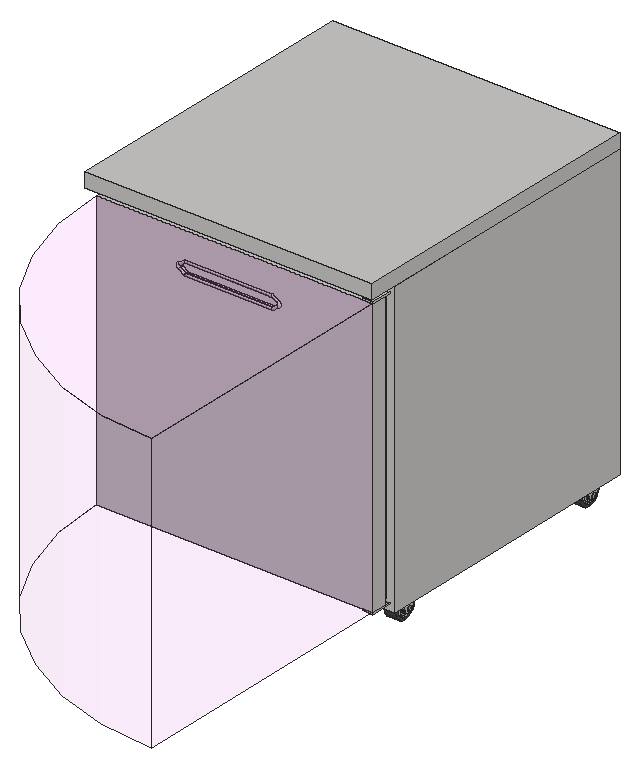
Revit family "QF_Kelvinator_738329_KCHUC27R-32_1-Door_Under_Counter_Refrigerator_27_Long_32.5_TALL", category Specialty Equipment, Revit 2021
Family settings
  Round Connector Dimension = Use Diameter
  Part Type = Normal
  Work Plane-Based = No
  Always vertical = Yes
  Cut with Voids When Loaded = No
  Shared = No
  Room Calculation Point = No
Parameters
  Weight in Pounds = 121.254
  Watts = 200 W
  Volts = 115 V
  URL Cutsheet = ""
  Specification by User = ""
  Specification by Manufacturer = ""
  Show Right Door [instance] = not(Show Left Door)  # yes
  Show Left Door [instance] = no
  Show Clearance [instance] = yes
  Serial Number = ""
  Seismic Rating = ""
  SMACNA No = ""
  Revision Code = ""
  Refrigerant Type = "R600a"
  Phase = 1
  Number of Poles = 1
  NAFEM Spec ID Number = ""
  Model = "738329 (KCHUC27R-32)"
  Min Ckt Ampacity = 0 A
  Max Overcurrent Protection = 0 A
  Masterspec = ""
  Manufacturer = "Kelvinator Commercial"
  Length = 27.756"
  Item Number = "738329"
  Installed By = ""
  Identify Quantity as Lot = yes
  Height = 32.087"
  HP = "1/6"
  Furnished By = ""
  Foodservice Equipment Identifier = yes
  FL Amps = 1.5 A
  Electrical Remarks = ""
  Electric Connection Type = ""
  Elec Conn RI Height = 0.000"
  Elec Conn Connection Height = 0.000"
  Description = "1-Door Under Counter Refrigerator 27\" Long 32.5\" TALL"
  Depth = 29.921"
  Default Elevation = 0.000"
  Cycle = 60 Hz
  Conn Plug = "5-15P"
  Conn Conduit = yes
  CSI MasterFormat = ""
  Apparent Power = 0 VA
Reference planes (in)
  plane 1 "BACK": y = 0
  plane 2: z = 0
  plane 3 "LEFT": x = 0
  plane 4 "RIGHT": x = 27.756
  plane 5 "FRONT": y = -29.921
  plane 6 "TOP": z = 32.087
  plane 7 "Center Y": x = 13.878
  plane 8 "Center X": y = -14.9605
Dimensions and locks (in)
  equal spacing: plane 3 "LEFT", plane 7 "Center Y", plane 4 "RIGHT"
  "Length": plane 3 "LEFT" to plane 4 "RIGHT"
  equal spacing: plane 5 "FRONT", plane 8 "Center X", plane 1 "BACK"
  "Depth": plane 5 "FRONT" to plane 1 "BACK"
  "Height": plane 6 "TOP" to level
  aligned and locked: level to plane 2
Nested families (in)
  nested 1: "KCHST.0001" at (0, 0, 0), Show Clearance <- "Show Clearance", Show Left Door <- "Show Left Door", Show Right Door <- "Show Right Door", type "KCHST.0001"
    with Show Right Door yes, Show Left Door no, Show Clearance yes
Definition of nested family "KCHST.0001"
  Parameters (values of type "KCHST.0001")
    Weight in Pounds = 0
    URL Cutsheet = ""
    Specification by User = ""
    Specification by Manufacturer = ""
    Show Right Door [instance] = yes
    Show Left Door [instance] = yes
    Show Clearance [instance] = yes
    Serial Number = ""
    Seismic Rating = ""
    SMACNA No = ""
    Revision Code = ""
    NAFEM Spec ID Number = ""
    Masterspec = ""
    Length = 27.756"
    Item Number = ""
    Installed By = ""
    Identify Quantity as Lot = yes
    Height = 32.087"
    Furnished By = ""
    Foodservice Equipment Identifier = yes
    Depth = 29.921"
    Default Elevation = 0.000"
    CSI MasterFormat = ""
  Reference planes (in)
    plane 1 "BACK": y = 0
    plane 2: z = 0
    plane 3 "LEFT": x = 0
    plane 4 "RIGHT": x = 27.756
    plane 5 "FRONT": y = -29.921
    plane 6 "TOP": z = 32.087
    plane 7 "Center Y": x = 13.878
    plane 8 "Center X": y = -14.9605
    plane 9: z = 2.4
    plane 10: y = -56
    plane 11: x = 25.756
    plane 12: x = 2
    plane 13: x = 27.256
    plane 14: x = 0.5
    plane 15: z = 30.7
    plane 16: z = 3.1
    plane 17: y = -27.2
    plane 18: y = -2.3
  Forms (in)
    Extrusion 1, solid
      sketch origin (0, 0, 0) x (0, 1, 0) y (0, 0, 1)
        loop
          line (-27.2, 30.7) -> (-27.2, 2.4) -> (0, 2.4) -> (0, 30.7) -> (-27.2, 30.7)
      from 0 to 27.756
    Extrusion 2, solid
      sketch origin (0, 0, -1.8375) x (0, 1, 0) y (0, 0, 1)
        loop
          line (-29.921, 32.5375) -> (0, 32.5375) -> (0, 33.9245) -> (-29.921, 33.9245) -> (-29.921, 32.5375)
      from 0 to 27.756
    Extrusion 3, solid
      sketch origin (13.878, 6.90541, 45.5) x (0, 1, 0) y (0, 0, 1)
        loop
          line (-36.08891, -15.6) -> (-36.08891, -42.4) -> (-34.65211, -42.4) -> (-34.65211, -15.6) -> (-36.08891, -15.6)
      from 13.378 to -13.378
    Extrusion 4, solid
      sketch origin (0, 0.3, -2.5) x (0, 1, 0) y (0, 0, 1)
        loop
          line (-28.04671, 32.20449) -> (-28.04671, 5.82022) -> (-27.79671, 5.82022) -> (-27.79671, 32.20449) -> (-28.04671, 32.20449)
      from 0.74536 to 26.90213
    Extrusion 5, solid
      sketch origin (0, 0.55, -2.5) x (0, 1, 0) y (0, 0, 1)
        loop
          line (-28.04671, 32.20449) -> (-28.04671, 5.82022) -> (-27.864, 5.82022) -> (-27.864, 32.20449) -> (-28.04671, 32.20449)
      from 0.74536 to 26.90213
    Extrusion 6, solid
      sketch origin (0, 0.7327, -2.5) x (0, 1, 0) y (0, 0, 1)
        loop
          line (-28.04671, 32.20449) -> (-28.04671, 5.82022) -> (-27.9327, 5.82022) -> (-27.9327, 32.20449) -> (-28.04671, 32.20449)
      from 0.74536 to 26.90213
    Extrusion 7, void
      sketch origin (-15.80943, -29.19996, 29.0181) x (0, 0, 1) y (1, 0, 0)
        loop
          line (-1.94791, 24.94368) -> (-1.94791, 33.29368) -> (-2.28604, 33.83468)
          arc (-2.28604, 33.83468) -> (-2.38541, 33.88976) -> (-2.48479, 33.83468) r 0.11719
          line (-2.48479, 33.83468) -> (-2.82291, 33.29368) -> (-2.82291, 24.94368) -> (-2.48621, 24.40496)
          arc (-2.48621, 24.40496) -> (-2.38541, 24.34909) -> (-2.28462, 24.40496) r 0.11887
          line (-2.28462, 24.40496) -> (-1.94791, 24.94368)
      from 0 to 0.31887
    Sweep 8, solid
      path origin (-15.80943, -26.39996, 29.0181) x (0, 0, -1) y (1, 0, 0)
        loop
          line (2.82291, 33.29368) -> (2.48479, 33.83468)
          arc (2.48479, 33.83468) -> (2.38541, 33.88976) -> (2.28604, 33.83468) r 0.11719
          line (2.28604, 33.83468) -> (1.94791, 33.29368) -> (1.94791, 24.94368) -> (2.28462, 24.40496)
          arc (2.28462, 24.40496) -> (2.38541, 24.34909) -> (2.48621, 24.40496) r 0.11887
          line (2.48621, 24.40496) -> (2.82291, 24.94368) -> (2.82291, 33.29368)
      profile origin (13.30925, -26.39996, 26.19519) x (0, 0, -1) y (0, -1, 0)
        loop
          line (0, 2.8) -> (0.25, 2.8)
          arc (0.25, 2.8) -> (0.125, 2.85269) -> (0, 2.8) r 0.17461
    Extrusion 9, solid
      sketch origin (0.56875, 0, 2.4) x (-1, 0, 0) y (0, 1, 0)
        loop
          circle (-13.28725, -0.87772) r 0.25
      from 0 to 0.78119
    Extrusion 10, solid, visible <- "Show Right Door"
      sketch origin (13.878, -29.1835, 29.9) x (0, 1, 0) y (-1, 0, 0)
        loop
          line (0, -13.378) -> (0, 13.378)
          arc (0, 13.378) -> (-18.91935, 5.54135) -> (-26.756, -13.378) r 26.756
          line (-26.756, -13.378) -> (0, -13.378)
      from 0 to -26.8
    Extrusion 11, solid, visible <- "Show Right Door"
      sketch origin (13.878, -27.74671, 3.1) x (-1, 0, 0) y (0, 1, 0)
        loop
          line (-12.378, -1.43679) -> (-11.628, 0.54671) -> (-13.378, 0.54671) -> (-13.378, -1.43679) -> (-12.378, -1.43679)
      from 0 to 0.13
    Extrusion 12, solid, visible <- "Show Right Door"
      sketch origin (13.878, -29.1835, 29.9) x (0, 1, 0) y (-1, 0, 0)
        loop
          line (0, -12.378) -> (0, -13.378) -> (1.9835, -13.378) -> (1.9835, -11.628) -> (0, -12.378)
      from 0 to 0.13
    Extrusion 13, solid, visible <- "Show Left Door"
      sketch origin (13.878, -29.1835, 29.9) x (0, 1, 0) y (-1, 0, 0)
        loop
          line (0, 13.378) -> (-26.756, 13.378)
          arc (-26.756, 13.378) -> (-18.91935, -5.54135) -> (0, -13.378) r 26.756
          line (0, -13.378) -> (0, 13.378)
      from 0 to -26.8
    Extrusion 14, solid, visible <- "Show Left Door"
      sketch origin (13.878, -27.74671, 3.1) x (-1, 0, 0) y (0, 1, 0)
        loop
          line (12.378, -1.43679) -> (13.378, -1.43679) -> (13.378, 0.54671) -> (11.628, 0.54671) -> (12.378, -1.43679)
      from 0 to 0.13
    Extrusion 15, solid, visible <- "Show Left Door"
      sketch origin (13.878, -29.1835, 29.9) x (0, 1, 0) y (-1, 0, 0)
        loop
          line (0, 12.378) -> (1.9835, 11.628) -> (1.9835, 13.378) -> (0, 13.378) -> (0, 12.378)
      from 0 to 0.13
  Cuts and joins
    Extrusion 7 cuts Extrusion 3
  Lines and regions (in)
    symbolic lines
      curve 1: line (27.756, -29.921, 0) -> (27.756, 0, 0)
      curve 2: line (27.756, 0, 0) -> (0, 0, 0)
      curve 3: line (0, 0, 0) -> (0, -29.921, 0)
      curve 4: line (0, -29.921, 0) -> (27.756, -29.921, 0)
    symbolic lines, visible <- "Show Clearance"
      curve 5: arc (0.49512, -29.921, 0) -> (1.58895, -36.79212, 0) -> (4.41646, -43.14932, 0) r 26.77104
      curve 6: line (4.41646, -43.14932, 0) -> (27.256, -29.921, 0)
    symbolic lines, visible <- "Show Left Door"
      curve 7: arc (27.26088, -29.921, 0) -> (26.16705, -36.79212, 0) -> (23.33954, -43.14932, 0) r 26.77104
      curve 8: line (23.33954, -43.14932, 0) -> (0.5, -29.921, 0)
  Dimensions and locks (in)
    equal spacing: plane 3 "LEFT", plane 7 "Center Y", plane 4 "RIGHT"
    "Length": plane 3 "LEFT" to plane 4 "RIGHT"
    equal spacing: plane 5 "FRONT", plane 8 "Center X", plane 1 "BACK"
    "Depth": plane 5 "FRONT" to plane 1 "BACK"
    "Height": plane 6 "TOP" to level
    plane 10 to plane 1 "BACK" = 56.000"
    locked: plane 4 "RIGHT" to plane 11 at 2
    locked: plane 3 "LEFT" to plane 12 at 2
    locked: plane 14 to plane 3 "LEFT" at 0.5
    locked: plane 13 to plane 4 "RIGHT" at 0.5
    plane 3 "LEFT" to plane 4 "RIGHT" = 27.756"
    plane 15 to plane 9 = 28.300"
    level to plane 9 = 2.400"
    cut or joined group of Extrusion 3, Extrusion 7 to plane 16 = 26.800"
    plane 5 "FRONT" to plane 1 "BACK" = 29.921"
    plane 17 to plane 18 = 24.900"
    plane 18 to plane 1 "BACK" = 2.300"
    aligned and locked: level to plane 2
    aligned and locked: nested 2 to plane 12
    aligned and locked: Extrusion 1 to plane 4 "RIGHT"
    aligned and locked: plane 4 "RIGHT" to Extrusion 1
    aligned and locked: Extrusion 2 to plane 4 "RIGHT"
    aligned and locked: plane 13 to cut or joined group of Extrusion 3, Extrusion 7
    aligned and locked: cut or joined group of Extrusion 3, Extrusion 7 to plane 14
    aligned and locked: plane 11 to nested 3
    aligned and locked: Extrusion 4 to Extrusion 6
    aligned and locked: Extrusion 4 to Extrusion 5
    aligned and locked: Extrusion 5 to Extrusion 6
    aligned and locked: Extrusion 3 to nested 1
  Automatic sketch dimensions
    plane 9 to Extrusion 1 sketch curve = 0.000"
    Extrusion 1 sketch curve to plane 17 = 0.000"
    Extrusion 1 sketch curve to plane 1 "BACK" = 0.000"
    Extrusion 1 sketch curve to plane 15 = 0.000"
    Extrusion 2 sketch curve to plane 5 "FRONT" = 0.000"
    Extrusion 2 sketch curve to plane 1 "BACK" = 0.000"
    Extrusion 2 sketch curve to plane 15 = 0.000"
    Extrusion 2 sketch curve to plane 6 "TOP" = 0.000"
    plane 1 "BACK" to curve 3 = 0.000"
    curve 3 to plane 3 "LEFT" = 0.000"
    curve 7 to plane 14 = 0.000"
    plane 5 "FRONT" to curve 8 = 0.000"
    curve 8 to plane 14 = 0.000"
    curve 6 to plane 13 = 0.000"
    curve 5 to plane 13 = 0.000"
    curve 2 to plane 4 "RIGHT" = 0.000"
    curve 6 to plane 12 = 2.41646"
    curve 8 to plane 11 = 2.41646"
    curve 6 to plane 10 = 12.85068"
    curve 8 to plane 10 = 12.85068"
    curve 8 to curve 7 = 0.7375"
    curve 6 to curve 5 = 0.7375"
    Extrusion 3 sketch curve to plane 16 = 0.000"
    Extrusion 3 sketch curve to plane 5 "FRONT" = 0.7375"
    plane 17 to Extrusion 3 sketch curve = 0.54671"
    Extrusion 3 sketch curve to plane 15 = 0.800"
    plane 16 to Extrusion 4 sketch curve = 0.22022"
    plane 17 to Extrusion 4 sketch curve = 0.54671"
    Extrusion 4 sketch curve to Extrusion 4 sketch curve = 0.250"
    Extrusion 4 sketch curve to plane 15 = 0.99551"
    plane 17 to Extrusion 5 sketch curve = 0.29671"
    plane 17 to Extrusion 5 sketch curve = 0.114"
    plane 16 to Extrusion 5 sketch curve = 0.22022"
    Extrusion 5 sketch curve to plane 15 = 0.99551"
    Extrusion 6 sketch curve to plane 17 = 0.000"
    plane 17 to Extrusion 6 sketch curve = 0.114"
    plane 16 to Extrusion 6 sketch curve = 0.22022"
    Extrusion 6 sketch curve to plane 15 = 0.99551"
    Extrusion 7 sketch curve to plane 15 = 4.50481"
    Extrusion 7 sketch curve to Extrusion 7 sketch curve = 0.3367"
    Extrusion 7 sketch curve to Extrusion 7 sketch curve = 0.33813"  (x2)
    Extrusion 7 sketch curve to Extrusion 7 sketch curve = 0.09937"  (x2)
    Extrusion 7 sketch curve to Extrusion 7 sketch curve = 0.1008"  (x2)
    Extrusion 7 sketch curve to plane 7 "Center Y" = 5.28247"
    Extrusion 7 sketch curve to Extrusion 7 sketch curve = 0.063"
    Extrusion 7 sketch curve to Extrusion 7 sketch curve = 0.53872"  (x2)
    plane 7 "Center Y" to Extrusion 7 sketch curve = 3.60625"
    Extrusion 7 sketch curve to Extrusion 7 sketch curve = 0.000"
    Extrusion 7 sketch curve to Extrusion 7 sketch curve = 0.47889"
    Extrusion 7 sketch curve to Extrusion 7 sketch curve = 0.06211"
    Sweep 8 sketch curve to plane 15 = 3.62981"
    Sweep 8 sketch curve to Sweep 8 sketch curve = 0.3367"
    Sweep 8 sketch curve to Sweep 8 sketch curve = 0.33813"  (x2)
    Sweep 8 sketch curve to Sweep 8 sketch curve = 0.09937"  (x2)
    Sweep 8 sketch curve to Sweep 8 sketch curve = 0.1008"  (x2)
    Sweep 8 sketch curve to plane 7 "Center Y" = 5.28247"
    Sweep 8 sketch curve to Sweep 8 sketch curve = 0.063"
    Sweep 8 sketch curve to Sweep 8 sketch curve = 0.53872"  (x2)
    plane 7 "Center Y" to Sweep 8 sketch curve = 3.60625"
    Sweep 8 sketch curve to Sweep 8 sketch curve = 0.000"
    Sweep 8 sketch curve to Sweep 8 sketch curve = 0.47889"
    Sweep 8 sketch curve to Sweep 8 sketch curve = 0.06211"
    Sweep 8 sketch curve to profile plane = 0.000"
    Sweep 8 sketch curve to profile plane = 0.125"
    profile plane to Sweep 8 sketch curve = 2.67809"
    Sweep 8 sketch curve to Sweep 8 sketch curve = 0.12191"
    Extrusion 1 to Extrusion 9 sketch curve = 0.87772"
    Extrusion 9 sketch curve to Extrusion 1 = 13.900"
    Extrusion 10 sketch curve to Extrusion 3 = 0.000"  (x2)
    Extrusion 3 to Extrusion 10 sketch curve = 0.000"
    Extrusion 11 sketch curve to Extrusion 3 = 0.000"
    Extrusion 3 to Extrusion 11 sketch curve = 0.000"
    Extrusion 11 sketch curve to Extrusion 11 sketch curve = 1.000"
    Extrusion 11 sketch curve to Extrusion 3 = 0.54671"
    Extrusion 11 sketch curve to Extrusion 3 = 1.750"
    Extrusion 12 sketch curve to Extrusion 3 = 0.000"
    Extrusion 3 to Extrusion 12 sketch curve = 0.000"
    Extrusion 3 to Extrusion 12 sketch curve = 0.54671"
    Extrusion 12 sketch curve to Extrusion 12 sketch curve = 1.000"
    Extrusion 3 to Extrusion 12 sketch curve = 1.750"
    Extrusion 13 sketch curve to Extrusion 3 = 0.000"  (x3)
    Extrusion 3 to Extrusion 14 sketch curve = 0.000"
    Extrusion 14 sketch curve to Extrusion 3 = 0.000"
    Extrusion 14 sketch curve to Extrusion 3 = 1.000"
    Extrusion 14 sketch curve to Extrusion 3 = 0.54671"
    Extrusion 14 sketch curve to Extrusion 3 = 1.750"
    Extrusion 15 sketch curve to Extrusion 3 = 0.000"  (x2)
    Extrusion 3 to Extrusion 15 sketch curve = 0.54671"
    Extrusion 3 to Extrusion 15 sketch curve = 1.000"
    Extrusion 3 to Extrusion 15 sketch curve = 1.750"
    radius of Extrusion 9 sketch curve = 0.250"
  Nested families (in)
    nested 1: "3 INCHES 01_CASTER" at (25.8, -24.75, 0), type "3 INCHES 01_CASTER"
      with Type Mark "", Specification by User "", Revision Code "", Item Number "", Installed By "", Identify Quantity as Lot yes, Furnished By "", Foodservice Equipment Identifier yes, 3 Inches Caster yes
    nested 2: "3 INCHES 01_CASTER" at (2, -24.75, 0), type "3 INCHES 01_CASTER"
      with Type Mark "", Specification by User "", Revision Code "", Item Number "", Installed By "", Identify Quantity as Lot yes, Furnished By "", Foodservice Equipment Identifier yes, 3 Inches Caster yes
    nested 3: "3 INCHES 01_CASTER" at (25.756, -2.375, 0), type "3 INCHES 01_CASTER"
      with Type Mark "", Specification by User "", Revision Code "", Item Number "", Installed By "", Identify Quantity as Lot yes, Furnished By "", Foodservice Equipment Identifier yes, 3 Inches Caster yes
    nested 4: "3 INCHES 01_CASTER" at (2, -2.375, 0), type "3 INCHES 01_CASTER"
      with Type Mark "", Specification by User "", Revision Code "", Item Number "", Installed By "", Identify Quantity as Lot yes, Furnished By "", Foodservice Equipment Identifier yes, 3 Inches Caster yes
  Definition of nested family "3 INCHES 01_CASTER"
    Parameters (values of type "3 INCHES 01_CASTER")
      Weight = ""
      URL Manufacturer = ""
      URL Cutsheet = ""
      URL = ""
      Type Mark [instance] = ""
      Specification by User [instance] = ""
      Specification by Manufacturer = ""
      Serial Number = ""
      Seismic Rating = ""
      SMACNA No = ""
      Revision Code [instance] = ""
      Omniclass Number and Title = ""
      NAFEM Spec ID Number = ""
      Model = ""
      MasterSpec. = ""
      Manufacturer = ""
      Item Number [instance] = ""
      Installed By [instance] = ""
      Identify Quantity as Lot [instance] = yes
      Furnished By [instance] = ""
      Foodservice Equipment Identifier [instance] = yes
      Description = ""
      Default Elevation = 0.000"
      CSI MasterFormat = ""
      CSI Master Format = ""
      Assembly Code = ""
      3 Inches Caster [instance] = yes
    Reference planes (in)
      plane 1: z = 0
      plane 2 "RIGHT": x = 0
      plane 3 "FRONT": y = 0
      plane 4 "TOP": z = 3.1
    Forms (in)
      Revolve 1, solid, visible <- "3 Inches Caster"
        sketch origin (-1.93794, 0.56004, -1.0041) x (1, 0, 0) y (0, 0, 1)
          loop
            line (0.74055, 2.11347) -> (0.74055, 2.03797) -> (0.79055, 1.98797) -> (0.85055, 1.98797) -> (0.85055, 1.8679) -> (1.235, 1.8679) -> (1.235, 1.7068) -> (1.36441, 1.63209) -> (1.4003, 1.41035) -> (1.34375, 1.41035) -> (1.34375, 1.28535) -> (1.375, 1.28535) -> (1.375, 1.0041) -> (2.48438, 1.0041) -> (2.48438, 1.28535) -> (2.51563, 1.28535) -> (2.51563, 1.41035) -> (2.45908, 1.41035) -> (2.49553, 1.6356) -> (2.62438, 1.70999) -> (2.62438, 1.8679) -> (3.04007, 1.8679) -> (3.04007, 1.98797) -> (3.10007, 1.98797) -> (3.15007, 2.03797) -> (3.15007, 2.11347) -> (0.74055, 2.11347)
          axis (0.74055, 2.11347) -> (3.15007, 2.11347)
        angle from 0 to 360
      Extrusion 2, solid, visible <- "3 Inches Caster"
        sketch origin (-1.93794, 1.35294, -3.2541) x (0, 1, 0) y (0, 0, 1)
          loop
            line (-0.41094, 5.86793) -> (-0.41094, 6.01276) -> (-2.29494, 6.01276) -> (-2.29494, 5.71244) -> (-1.82301, 5.71244)
            arc (-1.82301, 5.71244) -> (-1.00307, 5.59865) -> (-0.19592, 5.41488) r 9.6332
            arc (-0.19592, 5.41488) -> (0.12646, 5.29481) -> (0.42224, 5.11916) r 1.92059
            line (0.42224, 5.11916) -> (0.51314, 5.245)
            arc (0.51314, 5.245) -> (0.27353, 5.42569) -> (0.01201, 5.5729) r 2.25036
            line (0.01201, 5.5729) -> (0.09371, 5.71426)
            arc (0.09371, 5.71426) -> (-0.15272, 5.81043) -> (-0.41094, 5.86793) r 1.73151
        from 1.17357 to 2.70231
      Revolve 3, solid, visible <- "3 Inches Caster"
        sketch origin (0, 1.73858, -3.25) x (0, 1, 0) y (0, 0, 1)
          loop
            line (-1.73858, 6.35) -> (-1.73858, 6.00866) -> (-0.93293, 6.00866) -> (-0.93293, 6.35) -> (-1.73858, 6.35)
          axis (-1.73858, 6.00866) -> (-1.73858, 6.35)
        angle from 0 to 360
      Extrusion 4, solid, visible <- "3 Inches Caster"
        sketch origin (-1.98481, 1.35294, -1.7541) x (0, 1, 0) y (0, 0, 1)
          loop
            line (-2.29494, 4.51276) -> (-2.29494, 4.21244) -> (-2.2074, 4.21244)
            arc (-2.2074, 4.21244) -> (-1.58796, 3.87196) -> (-1.3103, 3.22193) r 1.0835
            arc (-1.3103, 3.22193) -> (-1.27304, 2.98711) -> (-1.19616, 2.76214) r 1.38462
            arc (-1.19616, 2.76214) -> (-0.77704, 2.49744) -> (-0.37393, 2.78593) r 0.44401
            arc (-0.37393, 2.78593) -> (-0.35491, 2.84407) -> (-0.34077, 2.90358) r 0.74034
            arc (-0.34077, 2.90358) -> (-0.07302, 3.38916) -> (0.4279, 3.62699) r 0.90376
            line (0.4279, 3.62699) -> (0.51314, 3.745)
            arc (0.51314, 3.745) -> (0.27353, 3.92569) -> (0.01201, 4.0729) r 2.25036
            line (0.01201, 4.0729) -> (0.09371, 4.21426)
            arc (0.09371, 4.21426) -> (-0.15272, 4.31043) -> (-0.41094, 4.36793) r 1.73151
            line (-0.41094, 4.36793) -> (-0.41094, 4.51276) -> (-2.29494, 4.51276)
        from 2.74918 to 2.90825
      Extrusion 5, solid, visible <- "3 Inches Caster"
        sketch origin (1.98481, 1.35294, -1.7541) x (0, 1, 0) y (0, 0, -1)
          loop
            line (-2.29494, -4.51276) -> (-0.41094, -4.51276) -> (-0.41094, -4.36793)
            arc (-0.41094, -4.36793) -> (-0.15272, -4.31043) -> (0.09371, -4.21426) r 1.73151
            line (0.09371, -4.21426) -> (0.01201, -4.0729)
            arc (0.01201, -4.0729) -> (0.27353, -3.92569) -> (0.51314, -3.745) r 2.25036
            line (0.51314, -3.745) -> (0.4279, -3.62699)
            arc (0.4279, -3.62699) -> (-0.07302, -3.38916) -> (-0.34077, -2.90358) r 0.90376
            arc (-0.34077, -2.90358) -> (-0.35491, -2.84407) -> (-0.37393, -2.78593) r 0.74034
            arc (-0.37393, -2.78593) -> (-0.77704, -2.49744) -> (-1.19616, -2.76214) r 0.44401
            arc (-1.19616, -2.76214) -> (-1.27304, -2.98711) -> (-1.3103, -3.22193) r 1.38462
            arc (-1.3103, -3.22193) -> (-1.58796, -3.87196) -> (-2.2074, -4.21244) r 1.0835
            line (-2.2074, -4.21244) -> (-2.29494, -4.21244) -> (-2.29494, -4.51276)
        from 2.74918 to 2.90825
    Cuts and joins
      joined: Extrusion 2, Extrusion 4, Extrusion 5
    Lines and regions (in)
      symbolic lines, visible <- "3 Inches Caster"
        curve 1: line (0.1877, 1.65194, 0) -> (0.89063, 1.2461, 0)
        curve 2: line (-1.00175, -0.40823, 0) -> (0.1877, 1.65194, 0)
        curve 3: line (-0.29881, -0.81407, 0) -> (-1.00175, -0.40823, 0)
        curve 4: line (0.89063, 1.2461, 0) -> (-0.29881, -0.81407, 0)
    Dimensions and locks (in)
      plane 4 "TOP" to level = 3.100"  (x2)
      aligned and locked: level to plane 1
